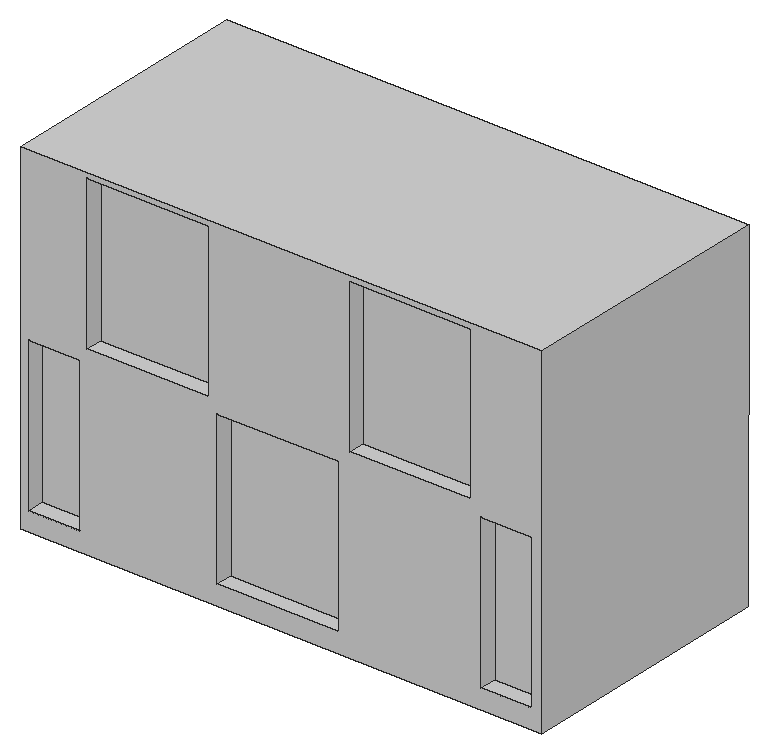
Revit family "SA 4H4W", category Mechanical Equipment, Revit 2019
Family settings
  Round Connector Dimension = Use Diameter
  Part Type = Normal
  OmniClass Number = 23.75.00.00
  OmniClass Title = Climate Control (HVAC)
  Work Plane-Based = No
  Always vertical = Yes
  Cut with Voids When Loaded = No
  Shared = No
  Room Calculation Point = No
Parameters (values of type "4H4W SA")
  Width = 5' - 4 1/2"
  Weight (lbs.) = "2030"
  URL = "www.renewaire.com"
  Model = "4H4W SA"
  Manufacturer = "Renewaire LLC"
  Length = 10' - 10 1/4"
  Housing = Metal - RenewAire - Anodized - Gray Text
  Height = 7' - 1 1/2"
  Description = "Energy Recovery Ventilator"
  Cores (L125-G5) = "16"
  Assembly Code = ""
  Airflow Range (CFM) = "4,000-17,600"
Reference planes (in)
  plane 1 "Center (Front/Back)": y = 0
  plane 2: z = 0
  plane 3 "Center (Left/Right)": x = 0
Forms (in)
  Extrusion 1, solid, material "Metal - RenewAire - Anodized - Gray Text" <- "Housing"
    sketch origin (0, -16.07731, 0) x (0, 1, 0) y (0, 0, 1)
      loop
        line (32.26413, 105.375) -> (-32.26413, 105.375) -> (-32.26413, 19.875) -> (32.26413, 19.875) -> (32.26413, 105.375)
    from 0 to 130.25
  Extrusion 2, void
    sketch origin (-0.33054, -14.11828, 19.50578) x (1, 0, 0) y (0, 0, 1)
      loop
        line (2.375, 43.5) -> (2.375, 5.25) -> (15.17072, 5.25) -> (15.17072, 43.5) -> (2.375, 43.5)
      loop
        line (49.50854, 43.5) -> (49.50854, 5.25) -> (79.83716, 5.25) -> (79.83716, 43.5) -> (49.50854, 43.5)
      loop
        line (47.32983, 84.75) -> (17.00122, 84.75) -> (17.00122, 46.5) -> (47.32983, 46.5) -> (47.32983, 84.75)
      loop
        line (82.52479, 84.75) -> (82.52479, 46.5) -> (112.77479, 46.5) -> (112.77479, 84.75) -> (82.52479, 84.75)
      loop
        line (115.375, 43.5) -> (115.375, 5.25) -> (128.17072, 5.25) -> (128.17072, 43.5) -> (115.375, 43.5)
    from 30 to 38.22316
  Extrusion 3, void
    sketch origin (-1.12484, 49.88172, -1.12139) x (1, 0, 0) y (0, 0, 1)
      loop
        line (3.17072, 64.13227) -> (3.17072, 25.88013) -> (15.96643, 25.88013) -> (15.96643, 64.13227) -> (3.17072, 64.13227)
      loop
        line (50.30426, 64.13227) -> (50.30426, 25.88013) -> (80.63287, 25.88013) -> (80.63287, 64.13227) -> (50.30426, 64.13227)
      loop
        line (48.12555, 105.38227) -> (17.79694, 105.38227) -> (17.79694, 67.13227) -> (48.12555, 67.13227) -> (48.12555, 105.38227)
      loop
        line (83.32051, 105.38227) -> (83.32051, 67.13227) -> (113.5691, 67.13227) -> (113.5691, 105.38227) -> (83.32051, 105.38227)
      loop
        line (128.96502, 64.12718) -> (116.16931, 64.12718) -> (116.16931, 25.87718) -> (128.96502, 25.87718) -> (128.96502, 64.12718)
    from 30 to 38.22316
Cuts and joins
  Extrusion 2, Extrusion 3 cuts Extrusion 1
Dimensions and locks (in)
  aligned and locked: level to plane 2
